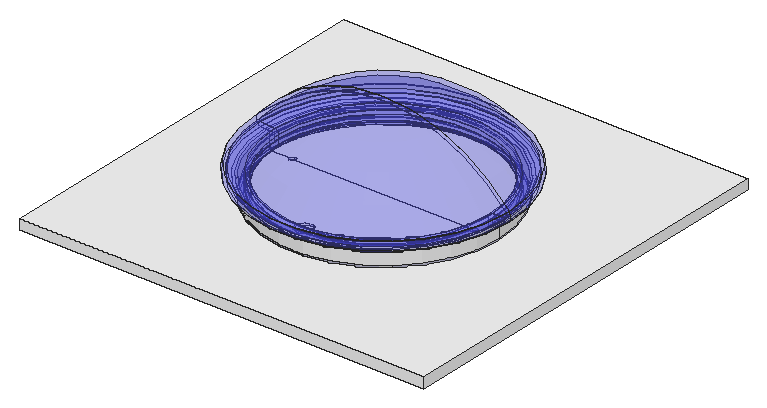
Revit family "BE_12137P_de_DE", category Leuchten, Revit 2020
Family settings
  Basisbauteil = Fläche
  Bemaßung runder Anschluss = Durchmesser verwenden
  Teiletyp = Normal
  Beim Laden mit Abzugskörper schneiden = Ja
  Lichtquelle = Ja
  Gemeinsam genutzt = Nein
  Raumberechnungspunkt = Ja
Parameters (values of type "BEGA_12137P_K3")
  built-in parameter 1150104 = 12.254 (stored number, unit not read)
  Wattage = 11.9 W
  Default Elevation = 0 mm
  built-in parameter 1150113 = 1 (stored number, unit not read)
  built-in parameter 1114218 = 1 (stored number, unit not read)
  Umgebungstemperatur = "25 °C"
  URL = "https://www.bega.com/de/produkt/12137P"
  Typenkommentare = "© 2022 BEGA. Wir behalten uns das Recht vor, technische Änderungen ohne vorherige Ankündigung vorzunehmen."  # constant formula
  built-in parameter 1150134 = 12
  built-in parameter 1150109 = 1 (stored number, unit not read)
  Strom = ""
  built-in parameter 1150110 = 1 (stored number, unit not read)
  Spannung = 230 V
  Sonderanfertigung = no
  Seriennummer [instance] = "Hier können Sie die eindeutige Seriennummer für das Facility Management eintragen."
  Schutzklasse = "I"
  Schutzart = "IP 20"
  Scheinlast = 0 VA
  Produktdatenblatt = "http://www.bega.de/download/Xrfa/db/12137P.db.de.pdf"
  Oberflächentemperatur = ""
  Neigungswinkel = 0.00°
  Model = "12137PK4"
  Material_17 = BEGA_Reflektor
  Material_15 = BEGA_Leuchtmedium_matt
  Material_14 = BEGA_Kunststoff_opal
  Material_11 = BEGA_Glas_opal
  Material_09 = BEGA_Glas_klar
  Material_06 = BEGA_Oberfläche_Edelstahl_gebürstet
  Material_03 = BEGA_Oberfläche_Weiss_matt
  Material_02 = BEGA_Oberfläche_Silber_matt
  Material_01 [instance] = BEGA_Oberfläche_Grafit_matt
  M_W = no
  M_G = no
  M_A = no
  Logo = 0
  built-in parameter 1114217 = 1 (stored number, unit not read)
  built-in parameter 1150139 = (empty or 0)
  built-in parameter 1150105 = 434.66 (stored number, unit not read)
  built-in parameter 1150114 = 1 (stored number, unit not read)
  Lumens = 1569.61 lm
  built-in parameter 1150115 = 1 (stored number, unit not read)
  Leuchtenlichtstrom = "1196 lm"
  Leuchtenanzahl = ""
  Lebensdauerkriterien = "L70B50 @ 25 °C = 181000 h"
  Lastklassifizierung = Beleuchtung
  built-in parameter 1150112 = 1 (stored number, unit not read)
  Lampenlichtstrom = "1570 lm"
  Lamp = "LED 11.9 W"
  LED_Modulbezeichnung = "LED-0509/940"
  Hersteller = "BEGA"  # constant formula
  Halbstreuwinkel = ""
  Gewicht = ""
  Gebrauchslageneinschränkung [instance] = ""
  Frequenz = "50 Hz"
  Farbwiedergabeindex = "CRI > 90"
  Farbtemperaturverschiebung bei Dämpfen der Lampe = <Keine Auswahl>
  Farbtemperatur = "4000 K"
  Color Filter = 16777215
  built-in parameter 1150133 = 10 (stored number, unit not read)
  Energieeffizienzklasse = "LED A++ - A"
  built-in parameter 1150137 = (empty or 0)
  built-in parameter 1150132 = (empty or 0)
  ENEC = ""
  Dimmbar [instance] = ""
  Photometric Web File = "BE_12137PK4.IES"
  CE_Konformität = "ja"
  Bestellnummer = "12137PK4"
  Beschreibung_Sonderanfertigung = "Hier können Sie Informationen zur Sonderanfertigung eintragen."
  Beschreibung = "Decken- und Wandleuchte"
  built-in parameter 1150106 = 4.3466 (stored number, unit not read)
  Befestigungsbohrung = "Ø 5,5 mm"
  Befestigungsabstand = "180 mm"
  Ballwurfsicher = ""
  BEGA_Intern_aus = yes
  BEGA_Intern_an = yes
  BEGA_Intern_Konstruktion = yes
  BEGA_Intern = yes
  BEGA_IES = yes
  BEGA_Dummy = no
  Anschlussleitung = ""
  Anschlussleistung [instance] = "17.1 W"
  Anschlusskasten = ""
  built-in parameter 1150107 = 4000 (stored number, unit not read)
  built-in parameter 1150102 = (empty or 0)
  built-in parameter 1150138 = (empty or 0)
  Aktualisierung = "2020-07-27T04:00:12"
  Abstand_zur_angestrahlten_Fläche [instance] = ""
  AC/DC = "AC"
Types (2, lengths in mm): name | built-in parameter 1150104 | built-in parameter 1150134 | Model | built-in parameter 1150105 | Lumens | Leuchtenlichtstrom | Lampenlichtstrom | LED_Modulbezeichnung | Farbtemperatur | Photometric Web File | Bestellnummer | built-in parameter 1150106 | built-in parameter 1150107
  BEGA_12137P_K3 | 11.827 (stored number, unit not read) | (empty or 0) | "12137PK3" | 419.54 (stored number, unit not read) | 1514.87 lm | "2306 lm" | "3395 lm" | "LED-0509/930" | "3000 K" | "BE_12137PK3.IES" | "12137PK3" | 4.1954 (stored number, unit not read) | 3000 (stored number, unit not read)
  BEGA_12137P_K27 | 12.254 (stored number, unit not read) | 12 | "12137PK27" | 434.66 (stored number, unit not read) | 1569.61 lm | "1272 lm" | "1670 lm" | "LED-0509/927" | "2700 K" | "BE_12137PK27.IES" | "12137PK27" | 4.3466 (stored number, unit not read) | 4000 (stored number, unit not read)
Reference planes
  plane 1 "Mitte (Vorne/Hinten)": y = 0
  plane 2: z = 0
  plane 3 "Mitte (Links/Rechts)": x = 0
  plane 4 "Links": x = -126
  plane 5 "Rechts": x = 126
  plane 6 "Unten": y = -126
  plane 7 "Oben": y = 126
  plane 8 "Vorne": z = 90.4
  plane 9 "Hinten": z = 0
Forms (mm)
  Extrusion 1, solid, material "BEGA_Platte_Weiss"
    sketch origin (0, -1119.2, 0) x (1, 0, 0) y (0, 1, 0)
      loop
        line (-200, 1319.2) -> (-200, 919.2) -> (200, 919.2) -> (200, 1319.2) -> (-200, 1319.2)
    from 0 to -10
  Extrusion 2, solid, material "BEGA_Dummy_matt", visible <- "BEGA_Dummy"
    sketch origin (77.149, -76.023, 0) x (1, 0, 0) y (0, 1, 0)
      loop
        circle (-77.149, 76.023) r 126.02
    from 0 to 90.4
Dimensions and locks
  plane 1 "Mitte (Vorne/Hinten)" to Extrusion 1 = 200 mm
  aligned and locked: plane 2 to Extrusion 1
  aligned and locked: level to Extrusion 1
Nested families
  nested 1: "BE_12137P" at (0, 0, 0) x (0, -1, 0) z (0, 0, 1), type "BE_12137P"
Connectors
  electrical at (0, 0, 0), driven by "Lastklassifizierung", driven by "Spannung", driven by "Scheinlast"
    settings: index 1, voltage 230 V, apparent load 0 VA, apparent load phase1 0 VA, apparent load phase2 0 VA, apparent load phase3 0 VA, power factor 1, load classification "Beleuchtung", number of poles 1, system type 31, power factor state 1, is connector primary yes, connector utility no, sub classification motor no, connector description ""
Definition of nested family "BE_12137P"
  Parameters (values of type "BE_12137P")
    Default Elevation = 1 mm
    URL = "http://www.bega.de/de/produkt"
    Type Comments = "© 2015 BEGA. Wir behalten uns das Recht vor, technische Änderungen ohne vorherige Ankündigung vorzunehmen. "  # constant formula
    Type Image = (empty or 0)
    Neigungswinkel_um_Z2 = 0.00°
    Neigungswinkel_um_Z1 = 0.00°
    Neigungswinkel_um_Y2 = 0.00°
    Neigungswinkel_um_Y1 = 0.00°
    Neigungswinkel_um_X2 = 0.00°
    Neigungswinkel_um_X1 = 0.00°
    Material_17 = none
    Material_15 = none
    Material_14 = none
    Material_11 = none
    Material_09 = none
    Material_06 = none
    Material_05 = none
    Material_03 = none
    Material_02 = none
    Material_01 = none
    M_W = yes
    M_G = yes
    M_A = yes
    Länge_Platte = 400 mm  # constant formula
    Höhe_Platte = -10 mm  # constant formula
    Manufacturer = "BEGA"  # constant formula
    Drehwinkel_um_Z2 = 0.00°
    Drehwinkel_um_Z1 = 0.00°
    Breite_Platte = 400 mm  # constant formula
  Reference planes
    plane 1 "Mitte (Oben/Unten)": y = 0
    plane 2: z = 0
    plane 3 "Mitte (Links/Rechts)": x = 0
    plane 4: y = 126
    plane 5: z = 90.4
    plane 6: y = -126
    plane 7: x = -126
    plane 8: x = 126
  Forms (mm)
    Extrusion 1, solid, detail levels medium
      sketch origin (0, 0, 0) x (1, 0, 0) y (0, 1, 0)
        loop
          line (-200, 200) -> (-200, -200) -> (200, -200) -> (200, 200) -> (-200, 200)
      from 0 to -10 <- "Höhe_Platte"
    Revolve 2, solid, material <- "Material_03", detail levels medium+fine
      sketch origin (0, 0, 0) x (0, 1, 0) y (0, 0, 1)
        loop
          line (117.5, 19.8) -> (117.5, 20.8) -> (115.331, 20.8)
          arc (115.331, 20.8) -> (114.063, 20.284) -> (113.524, 19.025) r 1.8
          line (113.524, 19.025) -> (113.276, 4.767)
          arc (113.276, 4.767) -> (112.825, 3.728) -> (111.776, 3.3) r 1.5
          line (111.776, 3.3) -> (0, 3.3) -> (0, 2.3) -> (111.776, 2.3)
          arc (111.776, 2.3) -> (113.525, 3.014) -> (114.275, 4.748) r 2.5
          line (114.275, 4.748) -> (114.524, 19.01)
          arc (114.524, 19.01) -> (114.764, 19.571) -> (115.329, 19.8) r 0.8
          line (115.329, 19.8) -> (117.5, 19.8)
        axis (0, 2.3) -> (0, 20.8)
      angle from 0 to 360
    Revolve 3, solid, material <- "Material_03", detail levels medium+fine
      sketch origin (0, 0, 0) x (0, 1, 0) y (0, 0, 1)
        loop
          arc (99.13, 1.943) -> (99.474, 2.206) -> (99.896, 2.3) r 1
          line (99.896, 2.3) -> (100.896, 3.3) -> (92.75, 3.3) -> (92.75, 0) -> (96.108, 0)
          arc (96.108, 0) -> (97.369, 0.281) -> (98.395, 1.067) r 3
          line (98.395, 1.067) -> (99.13, 1.943)
        axis (90, 3.3) -> (90, 0)
      angle from 0 to 360
    Revolve 4, solid, material <- "Material_03", detail levels medium+fine
      sketch origin (0, 0, 0) x (0, -1, 0) y (0, 0, 1)
        loop
          arc (99.13, 1.943) -> (99.474, 2.206) -> (99.896, 2.3) r 1
          line (99.896, 2.3) -> (100.896, 3.3) -> (92.75, 3.3) -> (92.75, 0) -> (96.108, 0)
          arc (96.108, 0) -> (97.369, 0.281) -> (98.395, 1.067) r 3
          line (98.395, 1.067) -> (99.13, 1.943)
        axis (90, 3.3) -> (90, 0)
      angle from 0 to 360
    Extrusion 5, void
      sketch origin (0, 0, 0) x (1, 0, 0) y (0, 1, 0)
        loop
          circle (80, 15) r 8.5
        loop
          circle (80, -15) r 8.5
      from 1.096 to 7.205
    Revolve 6, solid, material <- "Material_14", detail levels medium+fine
      sketch origin (0, 0, 0) x (0, 1, 0) y (0, 0, 1)
        loop
          line (0, 90.4) -> (0, 86.6)
          arc (0, 86.6) -> (67.014, 71.601) -> (121.239, 29.464) r 157.2
          arc (121.239, 29.464) -> (122.17, 27.288) -> (121.777, 24.953) r 4.2
          line (121.777, 24.953) -> (107.481, 24.204)
          arc (107.481, 24.204) -> (104.795, 22.96) -> (103.7, 20.21) r 4
          line (103.7, 20.21) -> (103.7, 16.4) -> (103.7, 11.174)
          arc (103.7, 11.174) -> (104.099, 9.678) -> (105.19, 8.579) r 3.003
          line (105.19, 8.579) -> (106.963, 7.556)
          arc (106.963, 7.556) -> (108.068, 6.43) -> (108.449, 4.9) r 3.003
          line (108.449, 4.9) -> (112.25, 4.9) -> (112.25, 8.894) -> (107.997, 11.349)
          arc (107.997, 11.349) -> (107.633, 11.715) -> (107.5, 12.214) r 1.001
          line (107.5, 12.214) -> (107.5, 19.451)
          arc (107.5, 19.451) -> (107.774, 20.139) -> (108.445, 20.45) r 1
          line (108.445, 20.45) -> (121.856, 21.152)
          arc (121.856, 21.152) -> (123.904, 21.845) -> (125.293, 23.503) r 4
          arc (125.293, 23.503) -> (125.929, 27.854) -> (124.17, 31.883) r 8
          arc (124.17, 31.883) -> (68.634, 75.038) -> (0, 90.4) r 161
        axis (0, 90.4) -> (0, 4.9)
      angle from 0 to 360
    Extrusion 7, void
      sketch origin (0, 0, 0) x (1, 0, 0) y (0, 1, 0)
        loop
          circle (0, 90) r 2.75
        loop
          circle (0, -90) r 2.75
      from 0 to 9
  Cuts and joins
    Extrusion 5, Extrusion 7 cuts Revolve 2
    Extrusion 5, Extrusion 7 cuts Revolve 3
    Extrusion 5, Extrusion 7 cuts Revolve 4
    joined: Revolve 2, Revolve 3, Revolve 4
  Dimensions and locks
    equal spacing: Extrusion 1 sketch curve, plane 3 "Mitte (Links/Rechts)", Extrusion 1 sketch curve
    equal spacing: Extrusion 1 sketch curve, plane 1 "Mitte (Oben/Unten)", Extrusion 1 sketch curve
    "Länge_Platte": Extrusion 1 sketch curve to Extrusion 1 sketch curve
    "Breite_Platte": Extrusion 1 sketch curve to Extrusion 1 sketch curve
    aligned and locked: plane 2 to Extrusion 1
    aligned and locked: level to Extrusion 1
  Automatic sketch dimensions
    Revolve 2 sketch curve to Revolve 2 sketch curve = 0 mm  (x11)
    Revolve 2 sketch curve to plane 1 "Mitte (Oben/Unten)" = 0 mm  (x2)
    Revolve 2 sketch curve to Revolve 2 sketch curve = 1.5 mm
    Revolve 2 sketch curve to Revolve 2 sketch curve = 1 mm  (x3)
    Revolve 2 sketch curve to Revolve 2 sketch curve = 0.8 mm
    Revolve 2 sketch curve to Revolve 2 sketch curve = 0.004 mm
    Revolve 2 sketch curve to Revolve 2 sketch curve = 0.002 mm
    Revolve 2 sketch curve to Revolve 2 sketch curve = 2.169 mm
    level to Revolve 2 sketch curve = 2.3 mm
    Revolve 2 sketch curve to Revolve 2 sketch curve = 1.448 mm
    Revolve 2 sketch curve to Revolve 2 sketch curve = 0.02 mm
    Revolve 2 sketch curve to Revolve 2 sketch curve = 0.033 mm
    Revolve 2 sketch curve to Revolve 2 sketch curve = 14.252 mm
    Revolve 2 sketch curve to Revolve 2 sketch curve = 0.01 mm
    Revolve 2 sketch curve to Revolve 2 sketch curve = 0.015 mm
    Revolve 2 sketch curve to Revolve 2 sketch curve = 4 mm
    Revolve 3 sketch curve to level = 0 mm
    level to Revolve 3 sketch curve = 3.3 mm
    Revolve 3 sketch curve to Revolve 3 sketch curve = 3.351 mm
    Revolve 3 sketch curve to Revolve 3 sketch curve = 0.007 mm
    level to Revolve 3 sketch curve = 1.067 mm
    Revolve 3 sketch curve to Revolve 3 sketch curve = 2.287 mm
    level to Revolve 3 sketch curve = 2.3 mm
    Revolve 3 sketch curve to Revolve 3 sketch curve = 1.501 mm
    Revolve 3 sketch curve to Revolve 3 sketch curve = 0 mm  (x2)
    Revolve 3 sketch curve to Revolve 3 sketch curve = 1 mm  (x2)
    Revolve 3 sketch curve to Revolve 3 sketch curve = 2.75 mm
    level to Revolve 3 sketch curve = 1.943 mm
    Revolve 3 sketch curve to Revolve 3 sketch curve = 0.766 mm
    Revolve 3 sketch curve to level = 2.001 mm
    Revolve 3 sketch curve to Revolve 3 sketch curve = 2 mm
    Revolve 4 sketch curve to level = 0 mm
    Revolve 4 sketch curve to level = 3.3 mm
    Revolve 4 sketch curve to Revolve 4 sketch curve = 3.351 mm
    Revolve 4 sketch curve to Revolve 4 sketch curve = 0.007 mm
    Revolve 4 sketch curve to level = 1.067 mm
    Revolve 4 sketch curve to Revolve 4 sketch curve = 2.287 mm
    Revolve 4 sketch curve to level = 2.3 mm
    Revolve 4 sketch curve to Revolve 4 sketch curve = 1.501 mm
    Revolve 4 sketch curve to Revolve 4 sketch curve = 0 mm  (x2)
    Revolve 4 sketch curve to Revolve 4 sketch curve = 1 mm  (x2)
    Revolve 4 sketch curve to Revolve 4 sketch curve = 2.75 mm
    Revolve 4 sketch curve to level = 1.943 mm
    Revolve 4 sketch curve to Revolve 4 sketch curve = 0.766 mm
    level to Revolve 4 sketch curve = 2.001 mm
    Revolve 4 sketch curve to Revolve 4 sketch curve = 2 mm
    plane 1 "Mitte (Oben/Unten)" to Extrusion 5 sketch curve = 15 mm
    Extrusion 5 sketch curve to plane 1 "Mitte (Oben/Unten)" = 15 mm
    Extrusion 5 sketch curve to Extrusion 5 sketch curve = 0 mm
    Revolve 6 sketch curve to Revolve 6 sketch curve = 0 mm  (x15)
    plane 1 "Mitte (Oben/Unten)" to Revolve 6 sketch curve = 0 mm
    Revolve 6 sketch curve to plane 1 "Mitte (Oben/Unten)" = 0 mm  (x2)
    Revolve 6 sketch curve to Revolve 6 sketch curve = 1.49 mm
    Revolve 6 sketch curve to Revolve 6 sketch curve = 0.257 mm
    Revolve 6 sketch curve to Revolve 6 sketch curve = 1.513 mm
    level to Revolve 6 sketch curve = 7.556 mm
    Revolve 6 sketch curve to Revolve 6 sketch curve = 1.773 mm
    Revolve 6 sketch curve to Revolve 6 sketch curve = 3.781 mm
    Revolve 6 sketch curve to Revolve 6 sketch curve = 3.8 mm  (x2)
    Revolve 6 sketch curve to Revolve 6 sketch curve = 0.2 mm
    Revolve 6 sketch curve to Revolve 6 sketch curve = 0.497 mm
    Revolve 6 sketch curve to Revolve 6 sketch curve = 0.745 mm
    Revolve 6 sketch curve to Revolve 6 sketch curve = 3.002 mm
    Revolve 6 sketch curve to Revolve 6 sketch curve = 0.055 mm
    Revolve 6 sketch curve to Revolve 6 sketch curve = 0.504 mm
    Revolve 6 sketch curve to Revolve 6 sketch curve = 3.801 mm  (x2)
    Revolve 6 sketch curve to Revolve 6 sketch curve = 0.13 mm
    Revolve 6 sketch curve to Revolve 6 sketch curve = 2.592 mm
    Revolve 6 sketch curve to level = 70.6 mm
    Revolve 6 sketch curve to Revolve 6 sketch curve = 1.024 mm
    Revolve 6 sketch curve to Revolve 6 sketch curve = 3.994 mm
    Revolve 6 sketch curve to Revolve 6 sketch curve = 2.594 mm
    Revolve 6 sketch curve to Revolve 6 sketch curve = 0.176 mm
    Revolve 6 sketch curve to Revolve 6 sketch curve = 0.865 mm
    Revolve 6 sketch curve to Revolve 6 sketch curve = 4.186 mm
    Revolve 6 sketch curve to Revolve 6 sketch curve = 3.051 mm
    Revolve 6 sketch curve to Revolve 6 sketch curve = 0.239 mm
    Revolve 6 sketch curve to Revolve 6 sketch curve = 3.755 mm
    Revolve 6 sketch curve to Revolve 6 sketch curve = 4.504 mm
    Revolve 6 sketch curve to Revolve 6 sketch curve = 0.193 mm
    Revolve 6 sketch curve to Revolve 6 sketch curve = 1.644 mm
    Revolve 6 sketch curve to Revolve 6 sketch curve = 2.931 mm
    Revolve 6 sketch curve to Revolve 6 sketch curve = 3.516 mm
    Revolve 6 sketch curve to Revolve 6 sketch curve = 3.81 mm
    level to Revolve 6 sketch curve = 40.4 mm
    Revolve 2 sketch curve to plane 1 "Mitte (Oben/Unten)" = 111.776 mm
    Revolve 2 sketch curve to Revolve 2 sketch curve = 0.249 mm
    Revolve 3 sketch curve to plane 1 "Mitte (Oben/Unten)" = 92.75 mm
    Revolve 6 sketch curve to plane 1 "Mitte (Oben/Unten)" = 103.7 mm
    Revolve 6 sketch curve to Revolve 6 sketch curve = 10.519 mm
    Revolve 6 sketch curve to Revolve 6 sketch curve = 3.647 mm
    Revolve 6 sketch curve to Revolve 6 sketch curve = 3.239 mm
    Revolve 6 sketch curve to Revolve 6 sketch curve = 0.079 mm
    Revolve 4 sketch curve to plane 1 "Mitte (Oben/Unten)" = 92.75 mm
    Revolve 6 sketch curve to Revolve 6 sketch curve = 46.2 mm
    plane 3 "Mitte (Links/Rechts)" to Extrusion 5 sketch curve = 80 mm
    Extrusion 7 sketch curve to plane 3 "Mitte (Links/Rechts)" = 0 mm  (x2)
    plane 6 to Extrusion 7 sketch curve = 36 mm
    plane 4 to Extrusion 7 sketch curve = 36 mm
    radius of Extrusion 5 sketch curve = 8.5 mm  (x2)
    radius of Extrusion 7 sketch curve = 2.75 mm  (x2)
